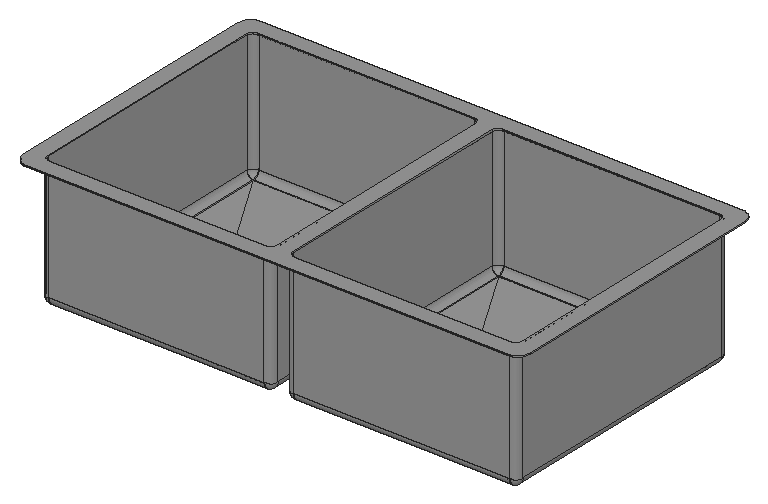
Revit family "BUILDMAT-SNGM013-Madison-775-Gunmetal", category Plumbing Fixtures, host Face, Revit 2020
Family settings
  Host = Face
  Round Connector Dimension = Use Diameter
  Part Type = Normal
  Cut with Voids When Loaded = No
  Shared = No
  Room Calculation Point = No
Parameters (values of type "Madison 775x450x205mm")
  Width 2 = 350.0 mm
  Width 1 = 350.0 mm
  Undermount [instance] = 20.0 mm
  URL = "https://www.buildmat.com.au/products/775x450-madison-double-bowl-sink"
  Sound Pad 2 = yes
  Sound Pad 1 = yes
  Model = "SNA01013"  # constant formula
  Manufacturer URL = "https://www.buildmat.com.au/"
  Manufacturer = "BUILDMAT"  # constant formula
  Length = 400.0 mm
  Gap = 25.0 mm
  Drain Sound Pad 2 = yes
  Drain Sound Pad 1 = yes
  Description = "BUILDMAT - Madison 775x450 Double Bowl Sink"  # constant formula
  Depth = 205.0 mm
  Default Elevation = 1200.0 mm
  D. S. Pad 2 = 230.0 mm
  D. S. Pad 1 = 230.0 mm
  D. Bracket 4 = 100.0 mm
  D. Bracket 3 = 25.0 mm
  D. Bracket 2 = 30.0 mm
  D. Bracket 1 = 100.0 mm
  Created By URL = "https://www.buildmat.com.au/"
  Created By = "BUILDMAT"  # constant formula
  Created = "22.06.2022"  # constant formula
  Bracket 4 = yes
  Bracket 3 = no
  Bracket 2 = yes
  Bracket 1 = yes
  Material = BUILDMAT Gunmetal
Reference planes
  plane 1 "Center (Front/Back)": y = 0
  plane 2: z = 0
  plane 3 "Center (Left/Right)": x = 0
  plane 4: x = -12.5
  plane 5: x = 12.5
  plane 6: x = -362.5
  plane 7: x = 362.5
  plane 8: y = -200
  plane 9: y = 200
  plane 10: x = -387.5
  plane 11: x = 387.5
  plane 12: y = -225
  plane 13: y = 225
  plane 14: x = 187.5
  plane 15: x = -187.5
  plane 16: y = 190
  plane 17: y = -190
  plane 18: x = -352.5
  plane 19: x = -22.5
  plane 20: x = 22.5
  plane 21: x = 352.5
  plane 22: y = 201.5
  plane 23: y = -201.5
  plane 24: x = -364
  plane 25: x = -11
  plane 26: x = 11
  plane 27: x = 364
  plane 28: x = -244.5
  plane 29: x = -130.5
  plane 30: x = -142.5
  plane 31: x = -232.5
  plane 32: x = 130.5
  plane 33: x = 142.5
  plane 34: x = 232.5
  plane 35: x = 244.5
  plane 36 "Sound Pad 1": x = -132.5
  plane 37 "Sound Pad 2": x = 132.5
  plane 38 "Top Substrate": z = -20
  plane 39: z = -18.5
  plane 40 "Bottom Void": z = -225
  plane 41: z = -215
  plane 42: z = -205
  plane 43: z = -220
  plane 44: z = -221.481
  plane 45: z = -216.5
  plane 46 "Sound Pad": z = -125
  plane 47 "Bracket 1": x = -262.5
  plane 48 "Bracket 2": x = -42.5
  plane 49 "Bracket 3": x = 37.5
  plane 50 "Bracket 4": x = 262.5
  plane 51: y = 100
  plane 52: y = -100
  plane 53: x = -287.5
  plane 54: x = -87.5
  plane 55: x = 87.5
  plane 56: x = 287.5
  plane 57: z = -185
  plane 58: z = -165
Forms (mm)
  Extrusion 1, void
    sketch origin (0, 0, 0) x (1, 0, 0) y (0, 1, 0)
      loop
        arc (-352.5, 200) -> (-359.571, 197.071) -> (-362.5, 190) r 10
        line (-362.5, 190) -> (-362.5, -190)
        arc (-362.5, -190) -> (-359.571, -197.071) -> (-352.5, -200) r 10
        line (-352.5, -200) -> (352.5, -200)
        arc (352.5, -200) -> (359.571, -197.071) -> (362.5, -190) r 10
        line (362.5, -190) -> (362.5, 190)
        arc (362.5, 190) -> (359.571, 197.071) -> (352.5, 200) r 10
        line (352.5, 200) -> (-352.5, 200)
    from 0 to -18.5
  Extrusion 2, void
    sketch origin (0, 0, 0) x (1, 0, 0) y (0, 1, 0)
      loop
        arc (-367.5, 225) -> (-381.642, 219.142) -> (-387.5, 205) r 20
        line (-387.5, 205) -> (-387.5, -205)
        arc (-387.5, -205) -> (-381.642, -219.142) -> (-367.5, -225) r 20
        line (-367.5, -225) -> (367.5, -225)
        arc (367.5, -225) -> (381.642, -219.142) -> (387.5, -205) r 20
        line (387.5, -205) -> (387.5, 205)
        arc (387.5, 205) -> (381.642, 219.142) -> (367.5, 225) r 20
        line (367.5, 225) -> (-367.5, 225)
    from -20 to -18.5
  Extrusion 3, void
    sketch origin (0, 0, 0) x (1, 0, 0) y (0, 1, 0)
      loop
        line (-364, 201.5) -> (-364, -201.5) -> (364, -201.5) -> (364, 201.5) -> (-364, 201.5)
    from -225 to -20
  Extrusion 4, solid, material "BUILDMAT Gunmetal" <- "Material"
    sketch origin (0, 0, -20) x (-1, 0, 0) y (0, -1, 0)
      loop
        arc (367.5, -225) -> (381.642, -219.142) -> (387.5, -205) r 20
        line (387.5, -205) -> (387.5, 205)
        arc (387.5, 205) -> (381.642, 219.142) -> (367.5, 225) r 20
        line (367.5, 225) -> (-367.5, 225)
        arc (-367.5, 225) -> (-381.642, 219.142) -> (-387.5, 205) r 20
        line (-387.5, 205) -> (-387.5, -205)
        arc (-387.5, -205) -> (-381.642, -219.142) -> (-367.5, -225) r 20
        line (-367.5, -225) -> (367.5, -225)
      loop
        arc (352.5, -200) -> (359.571, -197.071) -> (362.5, -190) r 10
        line (362.5, -190) -> (362.5, 190)
        arc (362.5, 190) -> (359.571, 197.071) -> (352.5, 200) r 10
        line (352.5, 200) -> (22.5, 200)
        arc (22.5, 200) -> (15.429, 197.071) -> (12.5, 190) r 10
        line (12.5, 190) -> (12.5, -190)
        arc (12.5, -190) -> (15.429, -197.071) -> (22.5, -200) r 10
        line (22.5, -200) -> (352.5, -200)
      loop
        line (-12.5, -190) -> (-12.5, 190)
        arc (-12.5, 190) -> (-15.429, 197.071) -> (-22.5, 200) r 10
        line (-22.5, 200) -> (-352.5, 200)
        arc (-352.5, 200) -> (-359.571, 197.071) -> (-362.5, 190) r 10
        line (-362.5, 190) -> (-362.5, -190)
        arc (-362.5, -190) -> (-359.571, -197.071) -> (-352.5, -200) r 10
        line (-352.5, -200) -> (-22.5, -200)
        arc (-22.5, -200) -> (-15.429, -197.071) -> (-12.5, -190) r 10
    from 0 to 1.5
  Extrusion 5, solid, material "BUILDMAT Gunmetal" <- "Material"
    sketch origin (0, 0, -20) x (-1, 0, 0) y (0, -1, 0)
      loop
        arc (352.5, -200) -> (359.571, -197.071) -> (362.5, -190) r 10
        line (362.5, -190) -> (362.5, 190)
        arc (362.5, 190) -> (359.571, 197.071) -> (352.5, 200) r 10
        line (352.5, 200) -> (22.5, 200)
        arc (22.5, 200) -> (15.429, 197.071) -> (12.5, 190) r 10
        line (12.5, 190) -> (12.5, -190)
        arc (12.5, -190) -> (15.429, -197.071) -> (22.5, -200) r 10
        line (22.5, -200) -> (352.5, -200)
      loop
        arc (352.5, -201.5) -> (360.632, -198.132) -> (364, -190) r 11.5
        line (364, -190) -> (364, 190)
        arc (364, 190) -> (360.632, 198.132) -> (352.5, 201.5) r 11.5
        line (352.5, 201.5) -> (22.5, 201.5)
        arc (22.5, 201.5) -> (14.368, 198.132) -> (11, 190) r 11.5
        line (11, 190) -> (11, -190)
        arc (11, -190) -> (14.368, -198.132) -> (22.5, -201.5) r 11.5
        line (22.5, -201.5) -> (352.5, -201.5)
    from 0 to -185
  Extrusion 6, solid, material "BUILDMAT Gunmetal" <- "Material"
    sketch origin (0, 0, -20) x (-1, 0, 0) y (0, -1, 0)
      loop
        arc (-22.5, -200) -> (-15.429, -197.071) -> (-12.5, -190) r 10
        line (-12.5, -190) -> (-12.5, 190)
        arc (-12.5, 190) -> (-15.429, 197.071) -> (-22.5, 200) r 10
        line (-22.5, 200) -> (-352.5, 200)
        arc (-352.5, 200) -> (-359.571, 197.071) -> (-362.5, 190) r 10
        line (-362.5, 190) -> (-362.5, -190)
        arc (-362.5, -190) -> (-359.571, -197.071) -> (-352.5, -200) r 10
        line (-352.5, -200) -> (-22.5, -200)
      loop
        line (-11, -190) -> (-11, 190)
        arc (-11, 190) -> (-14.368, 198.132) -> (-22.5, 201.5) r 11.5
        line (-22.5, 201.5) -> (-352.5, 201.5)
        arc (-352.5, 201.5) -> (-360.632, 198.132) -> (-364, 190) r 11.5
        line (-364, 190) -> (-364, -190)
        arc (-364, -190) -> (-360.632, -198.132) -> (-352.5, -201.5) r 11.5
        line (-352.5, -201.5) -> (-22.5, -201.5)
        arc (-22.5, -201.5) -> (-14.368, -198.132) -> (-11, -190) r 11.5
    from 0 to -185
  Extrusion 7, solid, material "BUILDMAT Gunmetal" <- "Material"
    sketch origin (0, 0, 0) x (1, 0, 0) y (0, 0, 1)
      loop
        line (-362.5, -205) -> (-364, -205)
        arc (-364, -205) -> (-360.632, -213.132) -> (-352.5, -216.5) r 11.5
        line (-352.5, -216.5) -> (-352.5, -215)
        arc (-352.5, -215) -> (-359.571, -212.071) -> (-362.5, -205) r 10
    from -190 to 190
  Extrusion 8, solid, material "BUILDMAT Gunmetal" <- "Material"
    sketch origin (0, 0, 0) x (1, 0, 0) y (0, 0, 1)
      loop
        arc (-12.5, -205) -> (-15.429, -212.071) -> (-22.5, -215) r 10
        line (-22.5, -215) -> (-22.5, -216.5)
        arc (-22.5, -216.5) -> (-14.368, -213.132) -> (-11, -205) r 11.5
        line (-11, -205) -> (-12.5, -205)
    from -190 to 190
  Extrusion 9, solid, material "BUILDMAT Gunmetal" <- "Material"
    sketch origin (0, 0, 0) x (1, 0, 0) y (0, 0, 1)
      loop
        line (12.5, -205) -> (11, -205)
        arc (11, -205) -> (14.368, -213.132) -> (22.5, -216.5) r 11.5
        line (22.5, -216.5) -> (22.5, -215)
        arc (22.5, -215) -> (15.429, -212.071) -> (12.5, -205) r 10
    from -190 to 190
  Extrusion 10, solid, material "BUILDMAT Gunmetal" <- "Material"
    sketch origin (0, 0, 0) x (1, 0, 0) y (0, 0, 1)
      loop
        arc (362.5, -205) -> (359.571, -212.071) -> (352.5, -215) r 10
        line (352.5, -215) -> (352.5, -216.5)
        arc (352.5, -216.5) -> (360.632, -213.132) -> (364, -205) r 11.5
        line (364, -205) -> (362.5, -205)
    from -190 to 190
  Extrusion 11, solid, material "BUILDMAT Gunmetal" <- "Material"
    sketch origin (0, 0, 0) x (0, 1, 0) y (0, 0, 1)
      loop
        line (201.5, -205) -> (200, -205)
        arc (200, -205) -> (197.071, -212.071) -> (190, -215) r 10
        line (190, -215) -> (190, -216.5)
        arc (190, -216.5) -> (198.132, -213.132) -> (201.5, -205) r 11.5
    from 22.5 to 352.5
  Extrusion 12, solid, material "BUILDMAT Gunmetal" <- "Material"
    sketch origin (0, 0, 0) x (0, 1, 0) y (0, 0, 1)
      loop
        line (-200, -205) -> (-201.5, -205)
        arc (-201.5, -205) -> (-198.132, -213.132) -> (-190, -216.5) r 11.5
        line (-190, -216.5) -> (-190, -215)
        arc (-190, -215) -> (-197.071, -212.071) -> (-200, -205) r 10
    from 22.5 to 352.5
  Extrusion 13, solid, material "BUILDMAT Gunmetal" <- "Material"
    sketch origin (0, 0, 0) x (0, 1, 0) y (0, 0, 1)
      loop
        arc (200, -205) -> (197.071, -212.071) -> (190, -215) r 10
        line (190, -215) -> (190, -216.5)
        arc (190, -216.5) -> (198.132, -213.132) -> (201.5, -205) r 11.5
        line (201.5, -205) -> (200, -205)
    from -352.5 to -22.5
  Extrusion 14, solid, material "BUILDMAT Gunmetal" <- "Material"
    sketch origin (0, 0, 0) x (0, 1, 0) y (0, 0, 1)
      loop
        line (-200, -205) -> (-201.5, -205)
        arc (-201.5, -205) -> (-198.132, -213.132) -> (-190, -216.5) r 11.5
        line (-190, -216.5) -> (-190, -215)
        arc (-190, -215) -> (-197.071, -212.071) -> (-200, -205) r 10
    from -352.5 to -22.5
  Revolve 15, solid, material "BUILDMAT Gunmetal" <- "Material"
    sketch origin (-423.435, 190, 4000) x (-1, 0, 0) y (0, 0, 1)
      loop
        arc (-60.935, -4205) -> (-63.864, -4212.071) -> (-70.935, -4215) r 10
        line (-70.935, -4215) -> (-70.935, -4216.5)
        arc (-70.935, -4216.5) -> (-62.804, -4213.132) -> (-59.435, -4205) r 11.5
        line (-59.435, -4205) -> (-60.935, -4205)
      axis (-70.935, -4205) -> (-70.935, -4216.5)
    angle from -90 to 0
  Revolve 16, solid, material "BUILDMAT Gunmetal" <- "Material"
    sketch origin (-423.435, 190, 4000) x (-1, 0, 0) y (0, 0, 1)
      loop
        line (-410.935, -4205) -> (-412.435, -4205)
        arc (-412.435, -4205) -> (-409.067, -4213.132) -> (-400.935, -4216.5) r 11.5
        line (-400.935, -4216.5) -> (-400.935, -4215)
        arc (-400.935, -4215) -> (-408.006, -4212.071) -> (-410.935, -4205) r 10
      axis (-400.935, -4205) -> (-400.935, -4216.5)
    angle from -90 to 0
  Revolve 17, solid, material "BUILDMAT Gunmetal" <- "Material"
    sketch origin (-423.435, 190, 4000) x (-1, 0, 0) y (0, 0, 1)
      loop
        arc (-435.935, -4205) -> (-438.864, -4212.071) -> (-445.935, -4215) r 10
        line (-445.935, -4215) -> (-445.935, -4216.5)
        arc (-445.935, -4216.5) -> (-437.804, -4213.132) -> (-434.435, -4205) r 11.5
        line (-434.435, -4205) -> (-435.935, -4205)
      axis (-445.935, -4205) -> (-445.935, -4216.5)
    angle from -90 to 0
  Revolve 18, solid, material "BUILDMAT Gunmetal" <- "Material"
    sketch origin (-423.435, 190, 4000) x (-1, 0, 0) y (0, 0, 1)
      loop
        line (-785.935, -4205) -> (-787.435, -4205)
        arc (-787.435, -4205) -> (-784.067, -4213.132) -> (-775.935, -4216.5) r 11.5
        line (-775.935, -4216.5) -> (-775.935, -4215)
        arc (-775.935, -4215) -> (-783.006, -4212.071) -> (-785.935, -4205) r 10
      axis (-775.935, -4205) -> (-775.935, -4216.5)
    angle from -90 to 0
  Revolve 19, solid, material "BUILDMAT Gunmetal" <- "Material"
    sketch origin (-423.435, -190, 4000) x (-1, 0, 0) y (0, 0, 1)
      loop
        arc (-60.935, -4205) -> (-63.864, -4212.071) -> (-70.935, -4215) r 10
        line (-70.935, -4215) -> (-70.935, -4216.5)
        arc (-70.935, -4216.5) -> (-62.804, -4213.132) -> (-59.435, -4205) r 11.5
        line (-59.435, -4205) -> (-60.935, -4205)
      axis (-70.935, -4205) -> (-70.935, -4216.5)
    angle from 0 to 90
  Revolve 20, solid, material "BUILDMAT Gunmetal" <- "Material"
    sketch origin (-423.435, -190, 4000) x (-1, 0, 0) y (0, 0, 1)
      loop
        arc (-412.435, -4205) -> (-409.067, -4213.132) -> (-400.935, -4216.5) r 11.5
        line (-400.935, -4216.5) -> (-400.935, -4215)
        arc (-400.935, -4215) -> (-408.006, -4212.071) -> (-410.935, -4205) r 10
        line (-410.935, -4205) -> (-412.435, -4205)
      axis (-400.935, -4205) -> (-400.935, -4216.5)
    angle from 0 to 90
  Revolve 21, solid, material "BUILDMAT Gunmetal" <- "Material"
    sketch origin (-423.435, -190, 4000) x (-1, 0, 0) y (0, 0, 1)
      loop
        line (-434.435, -4205) -> (-435.935, -4205)
        arc (-435.935, -4205) -> (-438.864, -4212.071) -> (-445.935, -4215) r 10
        line (-445.935, -4215) -> (-445.935, -4216.5)
        arc (-445.935, -4216.5) -> (-437.804, -4213.132) -> (-434.435, -4205) r 11.5
      axis (-445.935, -4205) -> (-445.935, -4216.5)
    angle from 0 to 90
  Revolve 22, solid, material "BUILDMAT Gunmetal" <- "Material"
    sketch origin (-423.435, -190, 4000) x (-1, 0, 0) y (0, 0, 1)
      loop
        arc (-787.435, -4205) -> (-784.067, -4213.132) -> (-775.935, -4216.5) r 11.5
        line (-775.935, -4216.5) -> (-775.935, -4215)
        arc (-775.935, -4215) -> (-783.006, -4212.071) -> (-785.935, -4205) r 10
        line (-785.935, -4205) -> (-787.435, -4205)
      axis (-775.935, -4205) -> (-775.935, -4216.5)
    angle from 0 to 90
  Extrusion 23, solid, material "BUILDMAT Gunmetal" <- "Material"
    sketch origin (0, 0, -20) x (-1, 0, 0) y (0, -1, 0)
      loop
        line (22.5, -190) -> (352.5, -190) -> (352.5, 190) -> (22.5, 190) -> (22.5, -190)
    from -196.5 to -195
  Extrusion 24, solid, material "BUILDMAT Gunmetal" <- "Material"
    sketch origin (0, 0, -20) x (-1, 0, 0) y (0, -1, 0)
      loop
        line (-22.5, -190) -> (-22.5, 190) -> (-352.5, 190) -> (-352.5, -190) -> (-22.5, -190)
    from -196.5 to -195
  Blend 25, solid, material "BUILDMAT Gunmetal" <- "Material"
    base sketch origin (0, 0, -20) x (-1, 0, 0) y (0, -1, 0)
      loop
        circle (187.5, 0) r 57
    top sketch origin (0, 0, -20) x (-1, 0, 0) y (0, -1, 0)
      loop
        line (352.5, -190) -> (352.5, 190) -> (22.5, 190) -> (22.5, -190) -> (352.5, -190)
    from -201.481 to -196.5
  Blend 26, solid, material "BUILDMAT Gunmetal" <- "Material"
    base sketch origin (0, 0, -20) x (-1, 0, 0) y (0, -1, 0)
      loop
        circle (-187.5, 0) r 57
    top sketch origin (0, 0, -20) x (-1, 0, 0) y (0, -1, 0)
      loop
        line (-22.5, -190) -> (-22.5, 190) -> (-352.5, 190) -> (-352.5, -190) -> (-22.5, -190)
    from -201.481 to -196.5
  Blend 27, void
    base sketch origin (0, 0, -20) x (-1, 0, 0) y (0, -1, 0)
      loop
        circle (187.5, 0) r 57
    top sketch origin (0, 0, -20) x (-1, 0, 0) y (0, -1, 0)
      loop
        line (352.5, -190) -> (352.5, 190) -> (22.5, 190) -> (22.5, -190) -> (352.5, -190)
    from -200 to -195
  Blend 28, void
    base sketch origin (0, 0, -20) x (-1, 0, 0) y (0, -1, 0)
      loop
        circle (-187.5, 0) r 57
    top sketch origin (0, 0, -20) x (-1, 0, 0) y (0, -1, 0)
      loop
        line (-22.5, -190) -> (-22.5, 190) -> (-352.5, 190) -> (-352.5, -190) -> (-22.5, -190)
    from -200 to -195
  Extrusion 29, void
    sketch origin (0, 0, -225) x (-1, 0, 0) y (0, -1, 0)
      loop
        circle (187.5, 0) r 57
    from 0 to 5
  Extrusion 30, void
    sketch origin (0, 0, -225) x (-1, 0, 0) y (0, -1, 0)
      loop
        circle (-187.5, 0) r 57
    from 0 to 5
  Revolve 31, solid, material "BUILDMAT Gunmetal" <- "Material"
    sketch origin (0, 0, 0) x (1, 0, 0) y (0, 0, 1)
      loop
        spline (-244.5, -220) -> (-244.397, -220.653) -> (-244.091, -221.294) -> (-243.587, -221.913) -> (-242.892, -222.5) -> (-242.02, -223.044) -> (-240.985, -223.536) -> (-239.805, -223.967) -> (-238.5, -224.33) -> (-237.092, -224.619) -> (-235.606, -224.83) -> (-234.066, -224.957) -> (-232.5, -225)
        line (-232.5, -225) -> (-232.5, -223.5)
        spline (-232.5, -223.5) -> (-233.871, -223.47) -> (-235.218, -223.381) -> (-236.518, -223.234) -> (-237.75, -223.031) -> (-238.892, -222.777) -> (-239.925, -222.475) -> (-240.83, -222.131) -> (-241.593, -221.75) -> (-242.201, -221.339) -> (-242.642, -220.906) -> (-242.91, -220.457) -> (-243, -220)
        line (-243, -220) -> (-244.5, -220)
      axis (-187.5, -225) -> (-187.5, -220)
    angle from 0 to 360
  Revolve 32, solid, material "BUILDMAT Gunmetal" <- "Material"
    sketch origin (0, 0, 0) x (1, 0, 0) y (0, 0, 1)
      loop
        line (244.5, -220) -> (243, -220)
        spline (243, -220) -> (242.91, -220.457) -> (242.642, -220.906) -> (242.201, -221.339) -> (241.593, -221.75) -> (240.83, -222.131) -> (239.925, -222.475) -> (238.892, -222.777) -> (237.75, -223.031) -> (236.518, -223.234) -> (235.218, -223.381) -> (233.871, -223.47) -> (232.5, -223.5)
        line (232.5, -223.5) -> (232.5, -225)
        spline (232.5, -225) -> (234.066, -224.957) -> (235.606, -224.83) -> (237.092, -224.619) -> (238.5, -224.33) -> (239.805, -223.967) -> (240.985, -223.536) -> (242.02, -223.044) -> (242.892, -222.5) -> (243.587, -221.913) -> (244.091, -221.294) -> (244.397, -220.653) -> (244.5, -220)
      axis (187.5, -220) -> (187.5, -225)
    angle from 0 to 360
Cuts and joins
  Blend 27, Extrusion 29 cuts Extrusion 23
  Blend 27, Extrusion 29 cuts Blend 25
  joined: Extrusion 23, Blend 25
  Blend 28, Extrusion 30 cuts Extrusion 24
  Blend 28, Extrusion 30 cuts Blend 26
  joined: Extrusion 24, Blend 26
Lines and regions (mm)
  Masking region 1
    outline origin (0, 0, 0) x (1, 0, 0) y (0, 0, 1)
      loop
        line (-362.5, -20) -> (-362.5, -205)
        arc (-362.5, -205) -> (-359.571, -212.071) -> (-352.5, -215) r 10
        line (-352.5, -215) -> (-244.5, -220) -> (-130.5, -220) -> (-22.5, -215)
        arc (-22.5, -215) -> (-15.429, -212.071) -> (-12.5, -205) r 10
        line (-12.5, -205) -> (-12.5, -20) -> (-362.5, -20)
  Masking region 2
    outline origin (0, 0, 0) x (1, 0, 0) y (0, 0, 1)
      loop
        line (12.5, -20) -> (12.5, -205)
        arc (12.5, -205) -> (15.109, -211.736) -> (21.576, -214.957) r 10
        line (21.576, -214.957) -> (130.5, -220) -> (244.5, -220) -> (352.5, -215)
        arc (352.5, -215) -> (359.571, -212.071) -> (362.5, -205) r 10
        line (362.5, -205) -> (362.5, -20) -> (12.5, -20)
  Masking region 3, visible <- "Drain Sound Pad 1"
    outline origin (0, 0, 0) x (1, 0, 0) y (0, 0, 1)
      loop
        line (-244.5, -221.481) -> (-287.5, -219.498) -> (-287.5, -225) -> (-244.5, -225) -> (-244.5, -221.481)
  Masking region 4, visible <- "Drain Sound Pad 1"
    outline origin (0, 0, 0) x (1, 0, 0) y (0, 0, 1)
      loop
        line (-130.5, -221.481) -> (-130.5, -225) -> (-87.5, -225) -> (-87.5, -219.498) -> (-130.5, -221.481)
  Masking region 5, visible <- "Drain Sound Pad 2"
    outline origin (0, 0, 0) x (1, 0, 0) y (0, 0, 1)
      loop
        line (87.5, -219.498) -> (87.5, -225) -> (130.5, -225) -> (130.5, -221.481) -> (87.5, -219.498)
  Masking region 6, visible <- "Drain Sound Pad 2"
    outline origin (0, 0, 0) x (1, 0, 0) y (0, 0, 1)
      loop
        line (287.5, -219.498) -> (244.5, -221.481) -> (244.5, -225) -> (287.5, -225) -> (287.5, -219.498)
  Masking region 7
    outline origin (0, 0, 0) x (1, 0, 0) y (0, 0, 1)
      loop
        line (-11, -165) -> (-11, -185) -> (11, -185) -> (11, -165) -> (-11, -165)
Text (mm)
  text "Refer to www.buildmat.com.au for the most current product literature. \nAllow a +/- 5mm tolerance for dimensions shown in the product literature. \nPlease note product details are subject to change due to ongoing product development." at (0.056, -1035.857, 0), in view "Ref. Level"
Dimensions and locks
  equal spacing: plane 4, plane 3 "Center (Left/Right)", plane 5
  "Gap": plane 4 to plane 5
  "Width 1": plane 6 to plane 4
  "Width 2": plane 5 to plane 7
  equal spacing: plane 9, plane 1 "Center (Front/Back)", plane 8
  "Length": plane 8 to plane 9
  locked: plane 10 to plane 6 at 25
  locked: plane 7 to plane 11 at 25
  locked: plane 13 to plane 9 at 25
  locked: plane 8 to plane 12 at 25
  equal spacing: plane 5, plane 14, plane 7
  equal spacing: plane 6, plane 15, plane 4
  locked: plane 9 to plane 16 at 10
  locked: plane 17 to plane 8 at 10
  locked: plane 6 to plane 18 at 10
  locked: plane 19 to plane 4 at 10
  locked: plane 5 to plane 20 at 10
  locked: plane 21 to plane 7 at 10
  locked: plane 8 to plane 23 at 1.5
  locked: plane 22 to plane 9 at 1.5
  locked: plane 24 to plane 6 at 1.5
  locked: plane 4 to plane 25 at 1.5
  locked: plane 26 to plane 5 at 1.5
  locked: plane 7 to plane 27 at 1.5
  plane 28 to plane 15 to plane 29 = 57.0 mm locked, 57.0 mm locked
  plane 31 to plane 15 to plane 30 = 45.0 mm locked, 45.0 mm locked
  plane 32 to plane 14 to plane 35 = 57.0 mm locked, 57.0 mm locked
  plane 33 to plane 14 to plane 34 = 45.0 mm locked, 45.0 mm locked
  locked: plane 39 to plane 38 "Top Substrate" at 1.5
  plane 42 to plane 41 to plane 40 "Bottom Void" = 10.0 mm locked, 10.0 mm locked
  locked: plane 43 to plane 40 "Bottom Void" at 5
  locked: plane 43 to plane 44 at 1.481
  locked: plane 41 to plane 45 at 1.5
  locked: plane 46 "Sound Pad" to plane 40 "Bottom Void" at 100
  "Depth": plane 38 "Top Substrate" to plane 40 "Bottom Void"
  "Undermount": plane 2 to plane 38 "Top Substrate"
  "D. S. Pad 1": plane 36 "Sound Pad 1" to plane 6
  "D. S. Pad 2": plane 7 to plane 37 "Sound Pad 2"
  "D. Bracket 1": plane 47 "Bracket 1" to plane 6
  "D. Bracket 2": plane 4 to plane 48 "Bracket 2"
  "D. Bracket 3": plane 49 "Bracket 3" to plane 5
  "D. Bracket 4": plane 7 to plane 50 "Bracket 4"
  locked: plane 9 to plane 51 at 100
  locked: plane 52 to plane 8 at 100
  plane 54 to plane 15 to plane 53 = 100.0 mm locked, 100.0 mm locked
  plane 56 to plane 14 to plane 55 = 100.0 mm locked, 100.0 mm locked
  plane 58 to plane 57 to plane 42 = 20.0 mm locked, 20.0 mm locked
  aligned and locked: plane 2 to host face
  aligned and locked: level to host face
  aligned and locked: Extrusion 1 sketch curve to plane 9
  aligned and locked: Extrusion 1 sketch curve to plane 6
  aligned and locked: Extrusion 1 sketch curve to plane 7
  aligned and locked: Extrusion 1 sketch curve to plane 8
  aligned and locked: Extrusion 1 to level
  aligned and locked: Extrusion 1 to plane 39
  aligned and locked: Extrusion 2 sketch curve to plane 13
  aligned and locked: Extrusion 2 sketch curve to plane 10
  aligned and locked: Extrusion 2 sketch curve to plane 11
  aligned and locked: Extrusion 2 sketch curve to plane 12
  aligned and locked: Extrusion 2 to plane 38 "Top Substrate"
  aligned and locked: Extrusion 2 to plane 39
  aligned and locked: Extrusion 3 sketch curve to plane 22
  aligned and locked: Extrusion 3 sketch curve to plane 24
  aligned and locked: Extrusion 3 sketch curve to plane 27
  aligned and locked: Extrusion 3 sketch curve to plane 23
  aligned and locked: Extrusion 3 to plane 40 "Bottom Void"
  aligned and locked: plane 38 "Top Substrate" to Extrusion 3
  aligned and locked: Extrusion 4 sketch curve to plane 13
  aligned and locked: Extrusion 4 sketch curve to plane 10
  aligned and locked: Extrusion 4 sketch curve to plane 11
  aligned and locked: Extrusion 4 sketch curve to plane 12
  aligned and locked: Extrusion 4 sketch curve to plane 9  (x2)
  aligned and locked: Extrusion 4 sketch curve to plane 6
  aligned and locked: Extrusion 4 sketch curve to plane 8  (x2)
  aligned and locked: Extrusion 4 sketch curve to plane 4
  aligned and locked: Extrusion 4 sketch curve to plane 5
  aligned and locked: Extrusion 4 sketch curve to plane 7
  aligned and locked: Extrusion 4 to plane 38 "Top Substrate"
  aligned and locked: Extrusion 4 to plane 39
  aligned and locked: Extrusion 5 sketch curve to plane 9
  aligned and locked: Extrusion 5 sketch curve to plane 22
  aligned and locked: Extrusion 5 sketch curve to plane 6
  aligned and locked: Extrusion 5 sketch curve to plane 24
  aligned and locked: Extrusion 5 sketch curve to plane 25
  aligned and locked: Extrusion 5 sketch curve to plane 4
  aligned and locked: Extrusion 5 sketch curve to plane 23
  aligned and locked: Extrusion 5 sketch curve to plane 8
  aligned and locked: Extrusion 5 to plane 42
  aligned and locked: plane 38 "Top Substrate" to Extrusion 5
  aligned and locked: Extrusion 6 sketch curve to plane 9
  aligned and locked: Extrusion 6 sketch curve to plane 7
  aligned and locked: Extrusion 6 sketch curve to plane 8
  aligned and locked: Extrusion 6 sketch curve to plane 5
  aligned and locked: Extrusion 6 sketch curve to plane 26
  aligned and locked: Extrusion 6 sketch curve to plane 27
  aligned and locked: Extrusion 6 sketch curve to plane 22
  aligned and locked: Extrusion 6 sketch curve to plane 23
  aligned and locked: Extrusion 6 to plane 42
  aligned and locked: plane 38 "Top Substrate" to Extrusion 6
  aligned and locked: Extrusion 7 sketch curve to plane 42
  aligned and locked: Extrusion 7 sketch curve to plane 18
  aligned and locked: Extrusion 8 sketch curve to plane 42
  aligned and locked: Extrusion 8 sketch curve to plane 19
  aligned and locked: Extrusion 9 sketch curve to plane 42
  aligned and locked: Extrusion 9 sketch curve to plane 20
  aligned and locked: Extrusion 10 sketch curve to plane 21
  aligned and locked: plane 42 to Extrusion 10 sketch curve
  aligned and locked: plane 16 to Extrusion 10
  aligned and locked: plane 16 to Extrusion 9
  aligned and locked: plane 16 to Extrusion 8
  aligned and locked: plane 16 to Extrusion 7
  aligned and locked: Extrusion 10 to plane 17
  aligned and locked: Extrusion 9 to plane 17
  aligned and locked: Extrusion 8 to plane 17
  aligned and locked: Extrusion 7 to plane 17
  aligned and locked: plane 42 to Extrusion 11 sketch curve
  aligned and locked: plane 16 to Extrusion 11 sketch curve
  aligned and locked: plane 17 to Extrusion 12 sketch curve
  aligned and locked: plane 42 to Extrusion 12 sketch curve
  aligned and locked: plane 21 to Extrusion 11
  aligned and locked: plane 21 to Extrusion 12
  aligned and locked: Extrusion 11 to plane 20
  aligned and locked: Extrusion 12 to plane 20
  aligned and locked: plane 16 to Extrusion 13 sketch curve
  aligned and locked: plane 42 to Extrusion 13 sketch curve
  aligned and locked: plane 17 to Extrusion 14 sketch curve
  aligned and locked: plane 42 to Extrusion 14 sketch curve
  aligned and locked: Extrusion 14 to plane 18
  aligned and locked: plane 19 to Extrusion 14
  aligned and locked: Extrusion 13 to plane 18
  aligned and locked: plane 19 to Extrusion 13
  aligned and locked: Revolve 15 sketch curve to plane 18
  aligned and locked: plane 42 to Revolve 15 sketch curve
  aligned and locked: plane 18 to Revolve 15 sketch curve
  aligned and locked: plane 18 to Revolve 15
  aligned and locked: plane 16 to Revolve 15
  aligned and locked: Revolve 16 sketch curve to plane 19
  aligned and locked: plane 19 to Revolve 16 sketch curve
  aligned and locked: plane 42 to Revolve 16 sketch curve
  aligned and locked: Revolve 16 to plane 19
  aligned and locked: plane 16 to Revolve 16
  aligned and locked: Revolve 17 sketch curve to plane 20
  aligned and locked: plane 42 to Revolve 17 sketch curve
  aligned and locked: plane 20 to Revolve 17 sketch curve
  aligned and locked: plane 20 to Revolve 17
  aligned and locked: plane 16 to Revolve 17
  aligned and locked: Revolve 18 sketch curve to plane 21
  aligned and locked: plane 21 to Revolve 18 sketch curve
  aligned and locked: plane 42 to Revolve 18 sketch curve
  aligned and locked: Revolve 18 to plane 21
  aligned and locked: Revolve 18 to plane 16
  aligned and locked: Revolve 19 sketch curve to plane 18
  aligned and locked: plane 42 to Revolve 19 sketch curve
  aligned and locked: plane 18 to Revolve 19 sketch curve
  aligned and locked: Revolve 19 to plane 18
  aligned and locked: plane 17 to Revolve 19
  aligned and locked: Revolve 20 sketch curve to plane 19
  aligned and locked: plane 42 to Revolve 20 sketch curve
  aligned and locked: plane 19 to Revolve 20 sketch curve
  aligned and locked: plane 19 to Revolve 20
  aligned and locked: plane 17 to Revolve 20
  aligned and locked: Revolve 21 sketch curve to plane 20
  aligned and locked: plane 42 to Revolve 21 sketch curve
  aligned and locked: plane 20 to Revolve 21 sketch curve
  aligned and locked: Revolve 21 to plane 20
  aligned and locked: plane 17 to Revolve 21
  aligned and locked: Revolve 22 sketch curve to plane 21
  aligned and locked: plane 42 to Revolve 22 sketch curve
  aligned and locked: plane 21 to Revolve 22 sketch curve
  aligned and locked: Revolve 22 to plane 17
  aligned and locked: plane 21 to Revolve 22
  aligned and locked: Extrusion 23 sketch curve to plane 19
  aligned and locked: Extrusion 23 sketch curve to plane 18
  aligned and locked: Extrusion 23 sketch curve to plane 16
  aligned and locked: Extrusion 23 sketch curve to plane 17
  aligned and locked: Extrusion 23 to plane 45
  aligned and locked: plane 41 to Extrusion 23
  aligned and locked: Extrusion 24 sketch curve to plane 16
  aligned and locked: Extrusion 24 sketch curve to plane 17
  aligned and locked: Extrusion 24 sketch curve to plane 21
  aligned and locked: Extrusion 24 sketch curve to plane 20
  aligned and locked: Extrusion 24 to plane 45
  aligned and locked: Extrusion 24 to plane 41
  aligned and locked: plane 44 to Blend 25
  aligned and locked: plane 45 to Blend 25
  aligned and locked: plane 44 to Blend 26
  aligned and locked: Blend 26 to plane 45
  aligned and locked: Blend 25 sketch curve to plane 16
  aligned and locked: Blend 25 sketch curve to plane 17
  aligned and locked: Blend 25 sketch curve to plane 18
  aligned and locked: Blend 25 sketch curve to plane 19
  aligned and locked: Blend 26 sketch curve to plane 16
  aligned and locked: Blend 26 sketch curve to plane 17
  aligned and locked: Blend 26 sketch curve to plane 21
  aligned and locked: Blend 26 sketch curve to plane 20
  aligned and locked: Blend 27 sketch curve to plane 16
  aligned and locked: Blend 27 sketch curve to plane 17
  aligned and locked: Blend 27 sketch curve to plane 18
  aligned and locked: Blend 27 sketch curve to plane 19
  aligned and locked: Blend 27 to plane 43
  aligned and locked: plane 41 to Blend 27
  aligned and locked: Blend 28 sketch curve to plane 16
  aligned and locked: Blend 28 sketch curve to plane 17
  aligned and locked: Blend 28 sketch curve to plane 21
  aligned and locked: Blend 28 sketch curve to plane 20
  aligned and locked: Blend 28 to plane 43
  aligned and locked: Blend 28 to plane 41
  aligned and locked: Extrusion 29 to plane 40 "Bottom Void"
  aligned and locked: plane 43 to Extrusion 29
  aligned and locked: Extrusion 30 to plane 40 "Bottom Void"
  aligned and locked: plane 43 to Extrusion 30
  aligned and locked: plane 15 to Revolve 31 sketch curve
  aligned and locked: Revolve 31 sketch curve to plane 43
  aligned and locked: plane 31 to Revolve 31 sketch curve
  aligned and locked: Revolve 32 sketch curve to plane 14
  aligned and locked: plane 34 to Revolve 32 sketch curve
  aligned and locked: plane 43 to Revolve 32 sketch curve
  aligned and locked: plane 18 to nested 1
  aligned and locked: plane 19 to nested 1
  aligned and locked: plane 17 to nested 1
  aligned and locked: plane 16 to nested 1
  aligned and locked: plane 20 to nested 2
  aligned and locked: plane 21 to nested 2
  aligned and locked: nested 2 to plane 17
  aligned and locked: nested 2 to plane 16
  aligned and locked: plane 14 to nested 4
  aligned and locked: plane 15 to nested 3
  aligned and locked: plane 1 "Center (Front/Back)" to nested 3
  aligned and locked: plane 1 "Center (Front/Back)" to nested 4
  aligned and locked: plane 51 to nested 5
  aligned and locked: plane 24 to nested 5
  aligned and locked: plane 52 to nested 6
  aligned and locked: plane 24 to nested 6
  aligned and locked: plane 51 to nested 7
  aligned and locked: plane 52 to nested 8
  aligned and locked: nested 8 to plane 27
  aligned and locked: nested 7 to plane 27
  aligned and locked: nested 13 to plane 47 "Bracket 1"
  aligned and locked: nested 14 to plane 48 "Bracket 2"
  aligned and locked: plane 23 to nested 13
  aligned and locked: plane 23 to nested 14
  aligned and locked: nested 15 to plane 49 "Bracket 3"
  aligned and locked: plane 23 to nested 15
  aligned and locked: nested 16 to plane 50 "Bracket 4"
  aligned and locked: nested 16 to plane 23
  aligned and locked: plane 47 "Bracket 1" to nested 9
  aligned and locked: nested 9 to plane 22
  aligned and locked: plane 48 "Bracket 2" to nested 10
  aligned and locked: nested 10 to plane 22
  aligned and locked: plane 49 "Bracket 3" to nested 11
  aligned and locked: plane 50 "Bracket 4" to nested 12
  aligned and locked: plane 22 to nested 12
  aligned and locked: nested 11 to plane 22
  aligned and locked: Masking region 1 sketch curve to plane 38 "Top Substrate"
  aligned and locked: Masking region 1 sketch curve to plane 6
  aligned and locked: Masking region 1 sketch curve to plane 4
  aligned and locked: Masking region 1 sketch curve to Extrusion 7
  aligned and locked: Masking region 1 sketch curve to Extrusion 8
  aligned and locked: Masking region 1 sketch curve to plane 43
  aligned and locked: Masking region 1 sketch curve to cut or joined group of Extrusion 23, Blend 25, Blend 27, Extrusion 29  (x2)
  aligned and locked: Masking region 2 sketch curve to plane 38 "Top Substrate"
  aligned and locked: Masking region 2 sketch curve to plane 43
  aligned and locked: Masking region 2 sketch curve to plane 7
  aligned and locked: Masking region 2 sketch curve to plane 5
  aligned and locked: Masking region 2 sketch curve to Extrusion 9
  aligned and locked: Masking region 2 sketch curve to cut or joined group of Extrusion 24, Blend 26, Blend 28, Extrusion 30  (x2)
  aligned and locked: Masking region 2 sketch curve to Extrusion 10
  aligned and locked: nested 17 to plane 38 "Top Substrate"
  aligned and locked: plane 47 "Bracket 1" to nested 17
  aligned and locked: nested 18 to plane 38 "Top Substrate"
  aligned and locked: plane 48 "Bracket 2" to nested 18
  aligned and locked: nested 20 to plane 38 "Top Substrate"
  aligned and locked: plane 50 "Bracket 4" to nested 20
  aligned and locked: nested 19 to plane 38 "Top Substrate"
  aligned and locked: plane 49 "Bracket 3" to nested 19
  aligned and locked: nested 21 to plane 46 "Sound Pad"
  aligned and locked: plane 36 "Sound Pad 1" to nested 21
  aligned and locked: nested 22 to plane 46 "Sound Pad"
  aligned and locked: plane 37 "Sound Pad 2" to nested 22
  aligned and locked: Masking region 3 sketch curve to plane 28
  aligned and locked: cut or joined group of Extrusion 23, Blend 25, Blend 27, Extrusion 29 to Masking region 3 sketch curve
  aligned and locked: Masking region 3 sketch curve to plane 40 "Bottom Void"
  aligned and locked: Masking region 3 sketch curve to plane 53
  aligned and locked: Masking region 4 sketch curve to plane 29
  aligned and locked: Masking region 4 sketch curve to plane 54
  aligned and locked: Masking region 4 sketch curve to plane 40 "Bottom Void"
  aligned and locked: Masking region 4 sketch curve to cut or joined group of Extrusion 23, Blend 25, Blend 27, Extrusion 29
  aligned and locked: cut or joined group of Extrusion 24, Blend 26, Blend 28, Extrusion 30 to Masking region 5 sketch curve
  aligned and locked: Masking region 5 sketch curve to plane 55
  aligned and locked: Masking region 5 sketch curve to plane 32
  aligned and locked: Masking region 5 sketch curve to plane 40 "Bottom Void"
  aligned and locked: Masking region 6 sketch curve to plane 56
  aligned and locked: Masking region 6 sketch curve to plane 35
  aligned and locked: Masking region 6 sketch curve to cut or joined group of Extrusion 24, Blend 26, Blend 28, Extrusion 30
  aligned and locked: Masking region 6 sketch curve to plane 40 "Bottom Void"
  aligned and locked: Masking region 7 sketch curve to plane 58
  aligned and locked: Masking region 7 sketch curve to plane 57
  aligned and locked: Masking region 7 sketch curve to plane 25
  aligned and locked: Masking region 7 sketch curve to plane 26
Automatic sketch dimensions
  host sketch curve to host sketch curve = 2438.4 mm  (x2)
  Extrusion 1 sketch curve to plane 17 = 0.0 mm
  Extrusion 1 sketch curve to plane 18 = 0.0 mm
  Extrusion 1 sketch curve to plane 21 = 0.0 mm
  Extrusion 1 sketch curve to plane 16 = 0.0 mm
  Extrusion 2 sketch curve to plane 24 = 3.5 mm
  Extrusion 2 sketch curve to plane 23 = 3.5 mm
  plane 22 to Extrusion 2 sketch curve = 3.5 mm
  plane 27 to Extrusion 2 sketch curve = 3.5 mm
  Extrusion 4 sketch curve to plane 21 = 0.0 mm
  Extrusion 4 sketch curve to plane 16 = 0.0 mm  (x2)
  Extrusion 4 sketch curve to plane 20 = 0.0 mm
  Extrusion 4 sketch curve to plane 19 = 0.0 mm  (x2)
  Extrusion 4 sketch curve to plane 18 = 0.0 mm  (x2)
  plane 27 to Extrusion 4 sketch curve = 3.5 mm  (x2)
  Extrusion 4 sketch curve to plane 24 = 3.5 mm
  plane 22 to Extrusion 4 sketch curve = 3.5 mm
  Extrusion 5 sketch curve to plane 19 = 0.0 mm
  Extrusion 5 sketch curve to plane 18 = 0.0 mm  (x2)
  Extrusion 5 sketch curve to plane 17 = 0.0 mm
  Extrusion 5 sketch curve to Extrusion 5 sketch curve = 0.0 mm  (x4)
  Extrusion 6 sketch curve to plane 21 = 0.0 mm
  Extrusion 6 sketch curve to plane 20 = 0.0 mm  (x2)
  Extrusion 6 sketch curve to plane 16 = 0.0 mm
  Extrusion 6 sketch curve to Extrusion 6 sketch curve = 0.0 mm  (x4)
  Extrusion 7 sketch curve to plane 6 = 0.0 mm
  Extrusion 7 sketch curve to plane 45 = 0.0 mm
  Extrusion 8 sketch curve to plane 4 = 0.0 mm
  Extrusion 8 sketch curve to plane 45 = 0.0 mm
  Extrusion 9 sketch curve to plane 5 = 0.0 mm
  Extrusion 9 sketch curve to plane 45 = 0.0 mm
  Extrusion 10 sketch curve to plane 7 = 0.0 mm
  Extrusion 10 sketch curve to plane 45 = 0.0 mm
  Extrusion 11 sketch curve to plane 9 = 0.0 mm
  Extrusion 11 sketch curve to plane 45 = 0.0 mm
  Extrusion 12 sketch curve to plane 8 = 0.0 mm
  Extrusion 12 sketch curve to plane 45 = 0.0 mm
  Extrusion 13 sketch curve to plane 9 = 0.0 mm
  Extrusion 13 sketch curve to plane 45 = 0.0 mm
  Extrusion 14 sketch curve to plane 8 = 0.0 mm
  Extrusion 14 sketch curve to plane 45 = 0.0 mm
  Revolve 15 sketch curve to plane 6 = 0.0 mm
  Revolve 15 sketch curve to plane 45 = 0.0 mm  (x2)
  Revolve 15 sketch curve to plane 42 = 0.0 mm
  Revolve 16 sketch curve to plane 4 = 0.0 mm
  Revolve 16 sketch curve to plane 45 = 0.0 mm  (x2)
  Revolve 16 sketch curve to plane 42 = 0.0 mm
  Revolve 17 sketch curve to plane 5 = 0.0 mm
  Revolve 17 sketch curve to plane 45 = 0.0 mm  (x2)
  Revolve 17 sketch curve to plane 42 = 0.0 mm
  Revolve 18 sketch curve to plane 7 = 0.0 mm
  Revolve 18 sketch curve to plane 45 = 0.0 mm  (x2)
  Revolve 18 sketch curve to plane 42 = 0.0 mm
  Revolve 19 sketch curve to plane 6 = 0.0 mm
  Revolve 19 sketch curve to plane 45 = 0.0 mm  (x2)
  Revolve 19 sketch curve to plane 42 = 0.0 mm
  Revolve 20 sketch curve to plane 4 = 0.0 mm
  Revolve 20 sketch curve to plane 45 = 0.0 mm  (x2)
  Revolve 20 sketch curve to plane 42 = 0.0 mm
  Revolve 21 sketch curve to plane 5 = 0.0 mm
  Revolve 21 sketch curve to plane 45 = 0.0 mm  (x2)
  Revolve 21 sketch curve to plane 42 = 0.0 mm
  Revolve 22 sketch curve to plane 7 = 0.0 mm
  Revolve 22 sketch curve to plane 45 = 0.0 mm  (x2)
  Revolve 22 sketch curve to plane 42 = 0.0 mm
  plane 1 "Center (Front/Back)" to Blend 25 sketch curve = 0.0 mm
  Blend 25 sketch curve to plane 15 = 0.0 mm
  plane 1 "Center (Front/Back)" to Blend 26 sketch curve = 0.0 mm
  Blend 26 sketch curve to plane 14 = 0.0 mm
  plane 1 "Center (Front/Back)" to Blend 27 sketch curve = 0.0 mm
  Blend 27 sketch curve to plane 15 = 0.0 mm
  plane 1 "Center (Front/Back)" to Blend 28 sketch curve = 0.0 mm
  Blend 28 sketch curve to plane 14 = 0.0 mm
  plane 1 "Center (Front/Back)" to Extrusion 29 sketch curve = 0.0 mm
  Extrusion 29 sketch curve to plane 15 = 0.0 mm
  plane 1 "Center (Front/Back)" to Extrusion 30 sketch curve = 0.0 mm
  Extrusion 30 sketch curve to plane 14 = 0.0 mm
  Revolve 31 sketch curve to plane 28 = 0.0 mm
  Revolve 31 sketch curve to plane 40 "Bottom Void" = 0.0 mm
  Revolve 31 sketch curve to plane 42 = 0.0 mm
  plane 28 to Revolve 31 sketch curve = 1.5 mm
  Revolve 31 sketch curve to Revolve 31 sketch curve = 1.5 mm
  plane 40 "Bottom Void" to Revolve 31 sketch curve = 0.0 mm
  Revolve 32 sketch curve to plane 35 = 0.0 mm
  Revolve 32 sketch curve to plane 40 "Bottom Void" = 0.0 mm
  Revolve 32 sketch curve to plane 42 = 0.0 mm
  Revolve 32 sketch curve to Revolve 32 sketch curve = 1.5 mm  (x2)
  plane 40 "Bottom Void" to Revolve 32 sketch curve = 0.0 mm
  radius of Blend 25 sketch curve = 57.0 mm
  radius of Blend 26 sketch curve = 57.0 mm
  radius of Blend 27 sketch curve = 57.0 mm
  radius of Blend 28 sketch curve = 57.0 mm
  radius of Extrusion 29 sketch curve = 57.0 mm
  radius of Extrusion 30 sketch curve = 57.0 mm
Nested families
  nested 1: "BOWL Plan" at (-187.5, 0, -125), type "BOWL Plan"
    with Width 330.0 mm, Lenght 380.0 mm
  nested 2: "BOWL Plan" at (187.5, 0, -125), type "BOWL Plan"
    with Width 330.0 mm, Lenght 380.0 mm
  nested 3: "DRAIN" at (-187.5, 0, -20), type "DRAIN"
  nested 4: "DRAIN" at (187.5, 0, -20), type "DRAIN"
  nested 5: "TMB_Plan" at (-364, 100, -225) x (0, 1, 0) z (0, 0, 1), type "TMB_Plan"
  nested 6: "TMB_Plan" at (-364, -100, -225) x (0, 1, 0) z (0, 0, 1), type "TMB_Plan"
  nested 7: "TMB_Plan" at (364, 100, -225) x (0, -1, 0) z (0, 0, 1), type "TMB_Plan"
  nested 8: "TMB_Plan" at (364, -100, -225) x (0, -1, 0) z (0, 0, 1), type "TMB_Plan"
  nested 9: "TMB_Plan" at (-262.5, 201.5, -225), visible <- "Bracket 1", type "TMB_Plan"
  nested 10: "TMB_Plan" at (-42.5, 201.5, -225), visible <- "Bracket 2", type "TMB_Plan"
  nested 11: "TMB_Plan" at (37.5, 201.5, -225), visible <- "Bracket 3", type "TMB_Plan"
  nested 12: "TMB_Plan" at (262.5, 201.5, -225), visible <- "Bracket 4", type "TMB_Plan"
  nested 13: "TMB_Plan" at (-262.5, -201.5, -225) x (-1, 0, 0) z (0, 0, 1), visible <- "Bracket 1", type "TMB_Plan"
  nested 14: "TMB_Plan" at (-42.5, -201.5, -225) x (-1, 0, 0) z (0, 0, 1), visible <- "Bracket 2", type "TMB_Plan"
  nested 15: "TMB_Plan" at (37.5, -201.5, -225) x (-1, 0, 0) z (0, 0, 1), visible <- "Bracket 3", type "TMB_Plan"
  nested 16: "TMB_Plan" at (262.5, -201.5, -225) x (-1, 0, 0) z (0, 0, 1), visible <- "Bracket 4", type "TMB_Plan"
  nested 17: "TMB_Front" at (-262.5, 0, -20) x (1, 0, 0) z (0, -1, 0), visible <- "Bracket 1", type "TMB_Front"
  nested 18: "TMB_Front" at (-42.5, 0, -20) x (1, 0, 0) z (0, -1, 0), visible <- "Bracket 2", type "TMB_Front"
  nested 19: "TMB_Front" at (37.5, 0, -20) x (1, 0, 0) z (0, -1, 0), visible <- "Bracket 3", type "TMB_Front"
  nested 20: "TMB_Front" at (262.5, 0, -20) x (1, 0, 0) z (0, -1, 0), visible <- "Bracket 4", type "TMB_Front"
  nested 21: "SP_Front" at (-132.5, 0, -125) x (1, 0, 0) z (0, -1, 0), visible <- "Sound Pad 1", type "SP_Front"
  nested 22: "SP_Front" at (132.5, 0, -125) x (1, 0, 0) z (0, -1, 0), visible <- "Sound Pad 2", type "SP_Front"
Definition of nested family "BOWL Plan"
  Parameters (values of type "BOWL Plan")
    Width [instance] = 600.0 mm
    Lenght [instance] = 400.0 mm
  Reference planes
    plane 1 "Center (Front/Back)": y = 0
    plane 2: z = 0
    plane 3 "Center (Left/Right)": x = 0
    plane 4 "Left": x = -300
    plane 5 "Right": x = 300
    plane 6 "Back": y = 200
    plane 7 "Front": y = -200
  Lines and regions (mm)
    Masking region 1, in view "Ref. Level"
      outline origin (0, 0, 0) x (1, 0, 0) y (0, 1, 0)
        loop
          line (-300, 200) -> (-300, -200) -> (300, -200) -> (300, 200) -> (-300, 200)
    detail lines, in view "Ref. Level"
      curve 1: line (-300, 200, 0) -> (300, -200, 0)
      curve 2: line (-300, -200, 0) -> (300, 200, 0)
  Dimensions and locks
    equal spacing: plane 6 "Back", plane 1 "Center (Front/Back)", plane 7 "Front"
    "Lenght": plane 6 "Back" to plane 7 "Front"
    equal spacing: plane 4 "Left", plane 3 "Center (Left/Right)", plane 5 "Right"
    "Width": plane 4 "Left" to plane 5 "Right"
    aligned and locked: plane 4 "Left" to Masking region 1 sketch curve
    aligned and locked: Masking region 1 sketch curve to plane 5 "Right"
    aligned and locked: plane 7 "Front" to Masking region 1 sketch curve
    aligned and locked: Masking region 1 sketch curve to plane 6 "Back"
  Automatic sketch dimensions
    curve 2 to plane 4 "Left" = 0.0 mm
    curve 1 to plane 4 "Left" = 0.0 mm
    curve 2 to plane 5 "Right" = 0.0 mm
    curve 1 to plane 5 "Right" = 0.0 mm
    curve 1 to plane 7 "Front" = 0.0 mm
    curve 2 to plane 7 "Front" = 0.0 mm
    curve 2 to plane 6 "Back" = 0.0 mm
    curve 1 to plane 6 "Back" = 0.0 mm
Definition of nested family "DRAIN"
  Reference planes
    plane 1 "Center (Front/Back)": y = 0
    plane 2: z = 0
    plane 3 "Center (Left/Right)": x = 0
  Lines and regions (mm)
    Masking region 1, in view "Ref. Level"
      outline origin (0, 0, 0) x (1, 0, 0) y (0, 1, 0)
        loop
          circle (0, 0) r 57
    detail lines, in view "Ref. Level"
      curve 1: circle (0, 0, 0) r 45 normal (0, 0, 1)
      curve 2: circle (0, 0, 0) r 55.5 normal (0, 0, 1)
Definition of nested family "TMB_Plan"
  Reference planes
    plane 1 "Center (Front/Back)": y = 0
    plane 2: z = 0
    plane 3 "Center (Left/Right)": x = 0
  Lines and regions (mm)
    detail lines, in view "Ref. Level"
      curve 1: line (-17.5, 0, 0) -> (17.5, 0, 0)
      curve 2: line (17.5, 0, 0) -> (17.5, 5, 0)
      curve 3: line (17.5, 5, 0) -> (12.5, 5, 0)
      curve 4: line (-17.5, 0, 0) -> (-17.5, 5, 0)
      curve 5: line (-17.5, 5, 0) -> (-12.5, 5, 0)
Definition of nested family "TMB_Front"
  Reference planes
    plane 1 "Center (Elevation)": y = 0
    plane 2: z = 0
    plane 3 "Center (Left/Right)": x = 0
  Lines and regions (mm)
    Masking region 1, in view "Ref. Level"
      outline origin (0, 0, 0) x (1, 0, 0) y (0, 1, 0)
        loop
          line (-17.5, 0) -> (-17.5, -80) -> (17.5, -80) -> (17.5, 0) -> (-17.5, 0)
    detail lines, in view "Ref. Level"
      curve 1: line (-17.5, 0, 0) -> (-17.5, -80, 0)
      curve 2: line (-17.5, -80, 0) -> (17.5, -80, 0)
      curve 3: line (17.5, -80, 0) -> (17.5, 0, 0)
      curve 4: line (-12.5, -50, 0) -> (12.5, -50, 0)
      curve 5: line (-12.5, -75, 0) -> (-12.5, -50, 0)
      curve 6: line (12.5, -75, 0) -> (-12.5, -75, 0)
      curve 7: line (12.5, -50, 0) -> (12.5, -75, 0)
Definition of nested family "SP_Front"
  Reference planes
    plane 1 "Center (Elevation)": y = 0
    plane 2: z = 0
    plane 3 "Center (Left/Right)": x = 0
  Lines and regions (mm)
    Masking region 1, in view "Ref. Level"
      outline origin (0, 0, 0) x (1, 0, 0) y (0, 1, 0)
        loop
          arc (-50, 40) -> (-57.071, 37.071) -> (-60, 30) r 10
          line (-60, 30) -> (-60, -30)
          arc (-60, -30) -> (-57.071, -37.071) -> (-50, -40) r 10
          line (-50, -40) -> (50, -40)
          arc (50, -40) -> (57.071, -37.071) -> (60, -30) r 10
          line (60, -30) -> (60, 30)
          arc (60, 30) -> (57.071, 37.071) -> (50, 40) r 10
          line (50, 40) -> (-50, 40)
    detail lines, in view "Ref. Level"
      curve 1: line (-50, 40, 0) -> (50, 40, 0)
      curve 2: line (50, -40, 0) -> (-50, -40, 0)
      curve 3: line (60, 30, 0) -> (60, -30, 0)
      curve 4: line (-60, 30, 0) -> (-60, -30, 0)
      curve 5: arc (-50, 40, 0) -> (-57.071, 37.071, 0) -> (-60, 30, 0) r 10
      curve 6: arc (-60, -30, 0) -> (-57.071, -37.071, 0) -> (-50, -40, 0) r 10
      curve 7: arc (50, -40, 0) -> (57.071, -37.071, 0) -> (60, -30, 0) r 10
      curve 8: arc (60, 30, 0) -> (57.071, 37.071, 0) -> (50, 40, 0) r 10
  Dimensions and locks
    aligned and locked: Masking region 1 sketch curve to curve 1
    aligned and locked: Masking region 1 sketch curve to curve 4
    aligned and locked: Masking region 1 sketch curve to curve 2
    aligned and locked: Masking region 1 sketch curve to curve 3
